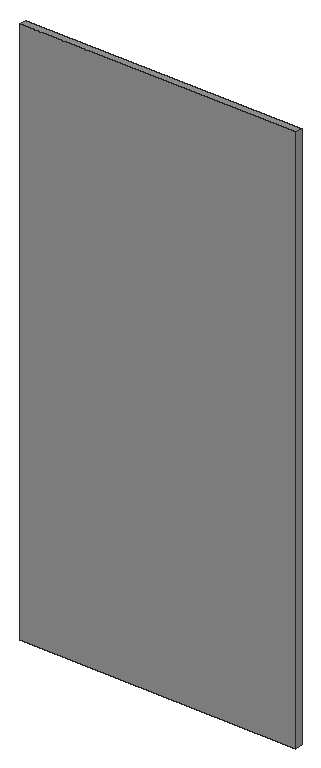
Revit family "Зеркало прямоугольное", category Оборудование, Revit 2017
Family settings
  Размер круглого соединителя = Использовать диаметр
  Тип детали = Нормальный
  На основе рабочей плоскости = Нет
  Всегда вертикально = Да
  При загрузке вырезать с полостями = Нет
  Общий = Нет
  Точка расчета площади = Нет
Parameters (values of type "Тип")
  Общ_Ширина = 400.0 mm
  Общ_Тип, марка = ""
  Общ_Примечание = ""
  Общ_Поставщик = ""
  Общ_Позиция = ""
  Общ_Наименование = "Зеркало"
  Общ_Масса = ""
  Общ_Код продукции = ""
  Общ_Единицы измерения = "шт."
  Общ_Высота = 800.0 mm
  Keynote = ""
  Manufacturer = ""
  Model = ""
Types (4, lengths in mm): name | Общ_Высота | Manufacturer | Model
  Тип | 800.0 | "" | ""
  Зеркало 650х2000 | 600.0 | "Ant" | "ТХ"
  Зеркало 700х900 | 600.0 | "Ant" | "ТХ"
  Зеркало 600х450 | 600.0 | "Ant" | "ТХ"
Reference planes
  plane 1 "По центру (Вперед/Назад)": y = 0
  plane 2: z = 0
  plane 3 "По центру (Влево/Вправо)": x = 0
  plane 4: y = 5
  plane 5: y = -5
  plane 6: z = 800
  plane 7: x = -200
  plane 8: x = 200
Forms (mm)
  Extrusion 1, solid, material "Зеркало"
    sketch origin (-830, -5, 0) x (1, 0, 0) y (0, 0, 1)
      loop
        line (1030, 0) -> (1030, 800) -> (630, 800) -> (630, 0) -> (1030, 0)
    from -10 to 0
Dimensions and locks
  equal spacing: plane 4, plane 1 "По центру (Вперед/Назад)", plane 5
  plane 4 to plane 5 = 10.0 mm
  "Общ_Высота": plane 6 to plane 2
  equal spacing: plane 7, plane 3 "По центру (Влево/Вправо)", plane 8
  "Общ_Ширина": plane 7 to plane 8
  aligned and locked: level to plane 2
  aligned and locked: Extrusion 1 to plane 7
  aligned and locked: plane 8 to Extrusion 1
Automatic sketch dimensions
  Extrusion 1 sketch curve to level = 0.0 mm
  Extrusion 1 sketch curve to plane 6 = 0.0 mm
  Extrusion 1 sketch curve to plane 8 = 400.0 mm
  Extrusion 1 sketch curve to Extrusion 1 sketch curve = 400.0 mm
